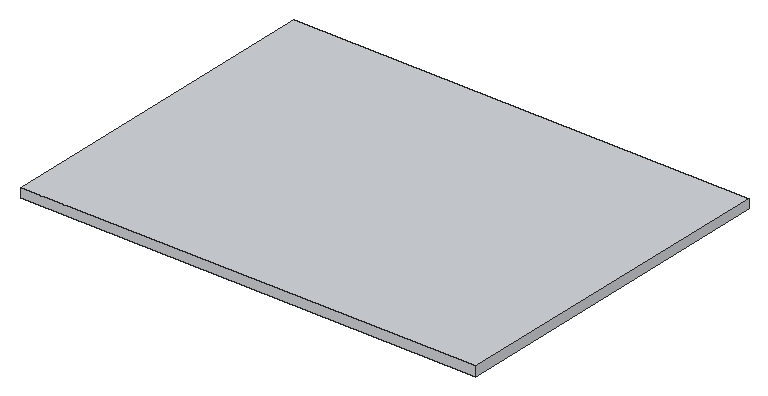
Revit family "M_Estante leve interna", category Modelos genéricos, Revit 2019
Family settings
  Hospedeiro = Parede
  Pode hospedar o vergalhão = Não
  Cota do conector redondo = Utilizar diâmetro
  Tipo de parte = Normal
  ID de item do Seek = Light Shelf Interior-0000-CAN-ENU
  Sempre na vertical = Sim
  Corte com vazios quando carregada = Não
  Compartilhado = Não
  Ponto de cálculo do ambiente = Não
Parameters (values of type "1200 x 900mm")
  Largura da prateleira = 1200 mm
  Espessura da prateleira = 25 mm
  Profundidade da prateleira = 900 mm
  Parte inferior da prateleira = 1800 mm
Types (3, lengths in mm): name | Largura da prateleira | Profundidade da prateleira | Parte inferior da prateleira
  (no name) | 1200 | 900 | 1800
  1800 x 600mm | 1800 | 600 | 2100
  1200 x 900mm | 1200 | 900 | 1800
Reference planes
  plane 1: y = 0
  plane 2 "Centro (Esquerda/Direita)": x = 0
  plane 3 "Aresta da parede": y = 76.2
  plane 4: x = -600
  plane 5: x = 600
  plane 6: y = 976.2
  plane 7: z = 1800
Forms (mm)
  Extrusion 1, solid
    sketch origin (2025.392, 228.6, 1800) x (1, 0, 0) y (0, 1, 0)
      loop
        line (-2625.392, -152.4) -> (-1425.392, -152.4) -> (-1425.392, 747.6) -> (-2625.392, 747.6) -> (-2625.392, -152.4)
    from 0 to 25
Text (mm)
  text "Lado da colocação" at (0, 1019.848, 3124.603), in view "Direita"
  text "Lado da colocação" at (-1787.662, 1637.412, 0), in view "Nível de referência"
  text "Lado da colocação" at (0, 2073.289, 3571.227), in view "Esquerda"
Dimensions and locks
  locked: plane 3 "Aresta da parede" to host wall
  locked: plane 3 "Aresta da parede" to plane 1 at 76.2
  "Profundidade da prateleira": plane 6 to plane 3 "Aresta da parede"
  "Parte inferior da prateleira": level to plane 7
  "Largura da prateleira": plane 5 to plane 4
  equal spacing: plane 5, plane 2 "Centro (Esquerda/Direita)", plane 4
  "Espessura da prateleira": Extrusion 1 to plane 7
Automatic sketch dimensions
  Extrusion 1 sketch curve to plane 4 = 0 mm
  Extrusion 1 sketch curve to plane 5 = 0 mm
  Extrusion 1 sketch curve to host wall = 0 mm
  Extrusion 1 sketch curve to plane 6 = 0 mm
